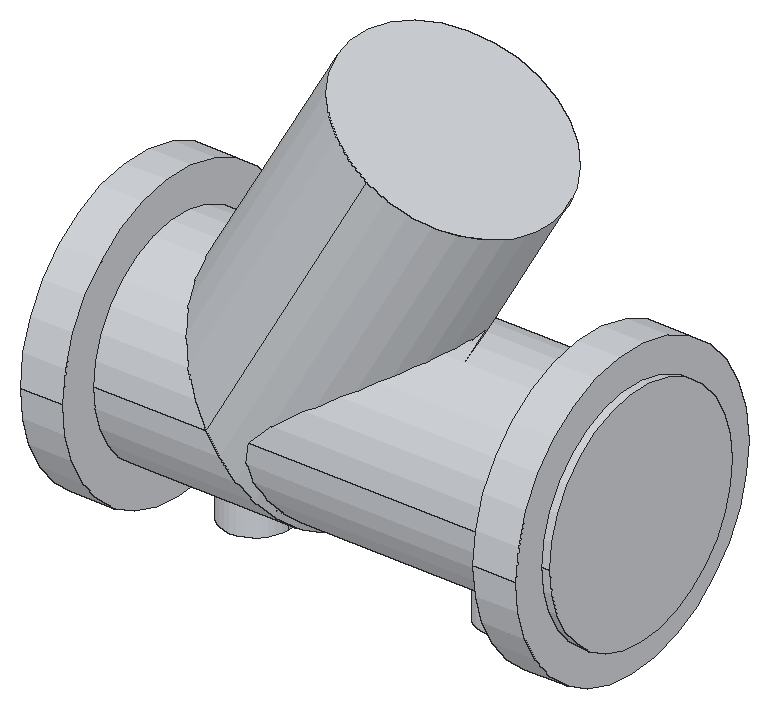
Revit family "HS 821-síto_jemné-PN16-DN200-RFA_2018", category Pipe Accessories, Revit 2018
Family settings
  Round Connector Dimension = Use Diameter
  Part Type = Breaks Into
  Work Plane-Based = No
  Always vertical = Yes
  Cut with Voids When Loaded = No
  Shared = No
Parameters (values of type "821A-DN200-PN16-síto_jemné")
  magiProductId = "8e5693371ab64aabb29a7f08c76e15"
  magiProductFamilyId = "79214ac3aaa945e397802f559f5c1e"
  magiPartTypeId = 307
  isMeasuringValve [instance] = no
  ang2D [instance] = 0.00°
  ZB__ve = -ZB  # -53 mm
  ZB1 = 107.73 mm
  ZB = 53 mm
  X2 = 188.361 mm
  X1 = 84 mm
  W2D = 15 mm
  VersionID = "2.0/2017.9.26.1/ZETKAMA_821_001"
  Use Minimum Symbol Size [instance] = yes
  URL = "www.hydronix.cz"
  Type Comments = "Filtr přírubový; síto jemné; A-PN16 (-10~300°C); D-PN25 (-10~350°C); F-PN40 (-10~400°C)"
  S = 266 mm
  QmdConnectorList = "301;D;302;D"
  Productdata [instance] = ""
  Manufacturer = "Hydronix"
  MC Product Code = "210 193 (821A; DN200; PN16; kvs706,7; oko síta 0,63mm)"
  LM1 = 48 mm
  LM = 480 mm
  L4 = 150 mm
  L2D_Min = 3048 mm
  L2D = 130 mm
  L2 = 300 mm
  HH2 = 326.25 mm
  FD = 340 mm
  Description = "Filtr přírubový; síto jemné; 821A-PN16; 821D-PN25; 821F-PN40"
  DM1 = 252 mm
  DM = 239.4 mm
  D = 200 mm
  CC = 10.2 mm
  CAT0 = yes
  C1 = 49.8 mm
  C = 60 mm
  BD = 75.411 mm
Types (40, lengths in mm): name | magiProductId | ZB__ve | ZB1 | ZB | X2 | X1 | S | MC Product Code | LM1 | LM | L4 | L2 | HH2 | FD | DM1 | DM | D | CC | C1 | C | BD
  821A-DN015-PN16-síto_jemné | "a71bcfe8b393460598b23e8ddf7dc5" | -16.25 | 18.63 | 16.25 | 46.982 | 18.2 | 46 | "210 115 (821A; DN015; PN16; kvs6,2; oko síta 0,63mm)" | 10.4 | 104 | 32.5 | 65 | 81.375 | 95 | 27.6 | 41.4 | 15 | 2.21 | 10.79 | 13 | 13.041
  821A-DN020-PN16-síto_jemné | "41cd6c7a12924f4991217528336076" | -17.75 | 22.68 | 17.75 | 51.673 | 21 | 56 | "210 120 (821A; DN020; PN16; kvs9,6; oko síta 0,63mm)" | 12 | 120 | 37.5 | 75 | 89.5 | 105 | 33.6 | 50.4 | 20 | 2.55 | 12.45 | 15 | 15.876
  821A-DN025-PN16-síto_jemné | "be378b463ed14c3abf4c9b3ae8cf3a" | -19.25 | 26.325 | 19.25 | 58.601 | 22.4 | 65 | "210 125 (821A; DN025; PN16; kvs14,2; oko síta 0,63mm)" | 12.8 | 128 | 40 | 80 | 101.5 | 115 | 43.2 | 58.5 | 25 | 2.72 | 13.28 | 16 | 18.427
  821A-DN032-PN16-síto_jemné | "227a0d18b21540afabe8b6067d35fa" | -23 | 30.78 | 23 | 68.849 | 25.2 | 76 | "210 132 (821A; DN032; PN16; kvs23,1; oko síta 0,63mm)" | 14.4 | 144 | 45 | 90 | 119.25 | 140 | 50.4 | 68.4 | 32 | 3.06 | 14.94 | 18 | 21.546
  821A-DN040-PN16-síto_jemné | "d106917c74724141a10440112d0102" | -24.5 | 34.02 | 24.5 | 75.777 | 28 | 84 | "210 140 (821A; DN040; PN16; kvs36,6; oko síta 0,63mm)" | 16 | 160 | 50 | 100 | 131.25 | 150 | 60 | 75.6 | 40 | 3.4 | 16.6 | 20 | 23.814
  821A-DN050-PN16-síto_jemné | "8255d456a09e4f6486734f5dd9171b" | -26.75 | 40.095 | 26.75 | 79.061 | 32.2 | 99 | "210 150 (821A; DN050 PN16; kvs53,7; oko síta 0,63mm)" | 18.4 | 184 | 57.5 | 115 | 136.938 | 165 | 73.8 | 89.1 | 50 | 3.91 | 19.09 | 23 | 28.066
  821A-DN065-PN16-síto_jemné | "235b1b3e4c0843779a4d5e3716d40a" | -29.75 | 47.79 | 29.75 | 86.927 | 40.6 | 118 | "210 165 (821A; DN065; PN16; kvs95,1; oko síta 0,63mm)" | 23.2 | 232 | 72.5 | 145 | 150.562 | 185 | 94.2 | 106.2 | 65 | 4.93 | 24.07 | 29 | 33.453
  821A-DN080-PN16-síto_jemné | "a067f7c5236348ed8c820d16df7214" | -32 | 53.46 | 32 | 104.753 | 43.4 | 132 | "210 180 (821A; DN080; PN16; kvs137,1; oko síta 0,63mm)" | 24.8 | 248 | 77.5 | 155 | 181.438 | 200 | 107.4 | 118.8 | 80 | 5.27 | 25.73 | 31 | 37.422
  821A-DN100-PN16-síto_jemné | "c49a648c2747461285837d643703cd" | -35 | 63.18 | 35 | 114.857 | 49 | 156 | "210 190 (821A; DN100; PN16; kvs206,4; oko síta 0,63mm)" | 28 | 280 | 87.5 | 175 | 198.937 | 220 | 131.4 | 140.4 | 100 | 5.95 | 29.05 | 35 | 44.226
  821A-DN125-PN16-síto_jemné | "bf68e728a163493cbd2a663b26ebdc" | -39.5 | 74.52 | 39.5 | 131.888 | 56 | 184 | "210 191 (821A; DN125; PN16; kvs268,8; oko síta 0,63mm)" | 32 | 320 | 100 | 200 | 228.438 | 250 | 165 | 165.6 | 125 | 6.8 | 33.2 | 40 | 52.164
  821A-DN150-PN16-síto_jemné | "2de770284b654863ae6bc865769dc5" | -44.75 | 85.455 | 44.75 | 155.885 | 67.2 | 211 | "210 192 (821A; DN150; PN16; kvs401,4; oko síta 0,63mm)" | 38.4 | 384 | 120 | 240 | 270 | 285 | 192 | 189.9 | 150 | 8.16 | 39.84 | 48 | 59.818
  821A-DN200-PN16-síto_jemné | "8e5693371ab64aabb29a7f08c76e15" | -53 | 107.73 | 53 | 188.361 | 84 | 266 | "210 193 (821A; DN200; PN16; kvs706,7; oko síta 0,63mm)" | 48 | 480 | 150 | 300 | 326.25 | 340 | 252 | 239.4 | 200 | 10.2 | 49.8 | 60 | 75.411
  821A-DN250-PN16-síto_jemné | "05e37ed948c34047acdd4c42556504" | -62.75 | 129.195 | 62.75 | 255.911 | 102.2 | 319 | "210 194 (821A; DN250; PN16; kvs1229,4; oko síta 0,63mm)" | 58.4 | 584 | 182.5 | 365 | 443.25 | 405 | 309.6 | 287.1 | 250 | 12.41 | 60.59 | 73 | 90.436
  821A-DN300-PN16-síto_jemné | "9ad0af747269428da925480d83ce80" | -71 | 149.85 | 71 | 325.914 | 119 | 370 | "210 195 (821A; DN300; PN16; kvs1902,4; oko síta 0,63mm)" | 68 | 680 | 212.5 | 425 | 564.5 | 460 | 369.6 | 333 | 300 | 14.45 | 70.55 | 85 | 104.895
  821A-DN350-PN16-síto_jemné | "eebc71459bb3451bb4355e7951370a" | -80 | 173.745 | 80 | 356.875 | 137.2 | 429 | "200 196 (821A; DN350; PN16; kvs2611,0; oko síta 0,63mm)" | 78.4 | 784 | 245 | 490 | 618.125 | 520 | 438 | 386.1 | 350 | 16.66 | 81.34 | 98 | 121.621
  821A-DN400-PN16-síto_jemné | "d2f677cb196647e385b2590e7d8abe" | -89 | 194.4 | 89 | 392.237 | 154 | 480 | "210 197 (821A; DN400; PN16; kvs3438,4; oko síta 0,63mm)" | 88 | 880 | 275 | 550 | 679.375 | 580 | 498 | 432 | 400 | 18.7 | 91.3 | 110 | 136.08
  821D-DN015-PN25-síto_jemné | "27ddcbf555414f8ca1fde329bf9087" | -16.25 | 18.63 | 16.25 | 46.982 | 18.2 | 46 | "210 215 (821D; DN015; PN25; kvs6,2; oko síta 0,63mm)" | 10.4 | 104 | 32.5 | 65 | 81.375 | 95 | 27.6 | 41.4 | 15 | 2.21 | 10.79 | 13 | 13.041
  821D-DN020-PN25-síto_jemné | "270e0f14012f47189cd0235c18faee" | -17.75 | 22.68 | 17.75 | 51.673 | 21 | 56 | "210 220 (821D; DN020; PN25; kvs9,6; oko síta 0,63mm)" | 12 | 120 | 37.5 | 75 | 89.5 | 105 | 33.6 | 50.4 | 20 | 2.55 | 12.45 | 15 | 15.876
  821D-DN025-PN25-síto_jemné | "b9a7fb4aa36643878c637d8e1ab992" | -19.25 | 26.325 | 19.25 | 58.601 | 22.4 | 65 | "210 225 (821D; DN025; PN25; kvs14,2; oko síta 0,63mm)" | 12.8 | 128 | 40 | 80 | 101.5 | 115 | 43.2 | 58.5 | 25 | 2.72 | 13.28 | 16 | 18.427
  821D-DN032-PN25-síto_jemné | "6be9a55c4e68400f94eec7e804204c" | -23 | 30.78 | 23 | 68.849 | 25.2 | 76 | "210 232 (821D; DN032; PN25; kvs23,1; oko síta 0,63mm)" | 14.4 | 144 | 45 | 90 | 119.25 | 140 | 50.4 | 68.4 | 32 | 3.06 | 14.94 | 18 | 21.546
  821D-DN040-PN25-síto_jemné | "c54511bd7f584ec2984291479612cb" | -24.5 | 34.02 | 24.5 | 75.777 | 28 | 84 | "210 240 (821D; DN040; PN25; kvs36,6; oko síta 0,63mm)" | 16 | 160 | 50 | 100 | 131.25 | 150 | 60 | 75.6 | 40 | 3.4 | 16.6 | 20 | 23.814
  821D-DN050-PN25-síto_jemné | "5483b1f596b04cd39b23a14a22c90e" | -26.75 | 40.095 | 26.75 | 79.061 | 32.2 | 99 | "210 250 (821D; DN050; PN25; kvs53,7; oko síta 0,63mm)" | 18.4 | 184 | 57.5 | 115 | 136.938 | 165 | 73.8 | 89.1 | 50 | 3.91 | 19.09 | 23 | 28.066
  821D-DN065-PN25-síto_jemné | "767b0f8318e94750bc7a9930ed5b30" | -29.75 | 47.79 | 29.75 | 86.927 | 40.6 | 118 | "210 265 (821D; DN065; PN25; kvs95,1; oko síta 0,63mm)" | 23.2 | 232 | 72.5 | 145 | 150.562 | 185 | 94.2 | 106.2 | 65 | 4.93 | 24.07 | 29 | 33.453
  821D-DN080-PN25-síto_jemné | "e21040fa3cc2404b858198f6b73709" | -32 | 53.46 | 32 | 104.753 | 43.4 | 132 | "210 280 (821D; DN080; PN25; kvs137,1; oko síta 0,63mm)" | 24.8 | 248 | 77.5 | 155 | 181.438 | 200 | 107.4 | 118.8 | 80 | 5.27 | 25.73 | 31 | 37.422
  821D-DN100-PN25-síto_jemné | "175ca87a506b40b3bc6b82f12f33cf" | -37.25 | 63.18 | 37.25 | 114.857 | 49 | 156 | "210 290 (821D; DN100; PN25; kvs206,4; oko síta 0,63mm)" | 28 | 280 | 87.5 | 175 | 198.937 | 235 | 131.4 | 140.4 | 100 | 5.95 | 29.05 | 35 | 44.226
  821D-DN125-PN25-síto_jemné | "77cc98d60da24855999a22dff726b2" | -42.5 | 74.52 | 42.5 | 131.888 | 56 | 184 | "210 291 (821D; DN125; PN25; kvs268,8; oko síta 0,63mm)" | 32 | 320 | 100 | 200 | 228.438 | 270 | 165 | 165.6 | 125 | 6.8 | 33.2 | 40 | 52.164
  821D-DN150-PN25-síto_jemné | "9cf8acfcd15547d68e83172d3abcbe" | -47 | 85.455 | 47 | 155.885 | 67.2 | 211 | "210 292 (821D; DN150; PN25; kvs401,4; oko síta 0,63mm)" | 38.4 | 384 | 120 | 240 | 270 | 300 | 192 | 189.9 | 150 | 8.16 | 39.84 | 48 | 59.818
  821D-DN200-PN25-síto_jemné | "16973f3c9ea14389ba8602495a6b64" | -56 | 110.97 | 56 | 188.361 | 84 | 274 | "210 293 (821D; DN200; PN25; kvs706,7; oko síta 0,63mm)" | 48 | 480 | 150 | 300 | 326.25 | 360 | 252 | 246.6 | 200 | 10.2 | 49.8 | 60 | 77.679
  821F-DN015-PN40-síto_jemné | "4c7eaf3c4c0340888b3e684d8a8616" | -16.25 | 18.225 | 16.25 | 46.982 | 18.2 | 45 | "250 615 (821F; DN015; PN40; kvs6,2; oko síta 0,63mm)" | 10.4 | 104 | 32.5 | 65 | 81.375 | 95 | 27.6 | 40.5 | 15 | 2.21 | 10.79 | 13 | 12.757
  821F-DN020-PN40-síto_jemné | "aaac5f1ec96b44d6ba96ac2293d66d" | -17.75 | 23.49 | 17.75 | 51.673 | 21 | 58 | "250 620 (821F; DN020; PN40; kvs9,6; oko síta 0,63mm)" | 12 | 120 | 37.5 | 75 | 89.5 | 105 | 33.6 | 52.2 | 20 | 2.55 | 12.45 | 15 | 16.443
  821F-DN025-PN40-síto_jemné | "504768023968471481789485b54c7e" | -19.25 | 27.54 | 19.25 | 58.601 | 22.4 | 68 | "250 625 (821F; DN025; PN40; kvs14,2; oko síta 0,63mm)" | 12.8 | 128 | 40 | 80 | 101.5 | 115 | 43.2 | 61.2 | 25 | 2.72 | 13.28 | 16 | 19.278
  821F-DN032-PN40-síto_jemné | "165e7f39cf744f329bdf1c400dad12" | -23 | 31.59 | 23 | 68.849 | 25.2 | 78 | "250 632 (821F; DN032; PN40; kvs23,1; oko síta 0,63mm)" | 14.4 | 144 | 45 | 90 | 119.25 | 140 | 50.4 | 70.2 | 32 | 3.06 | 14.94 | 18 | 22.113
  821F-DN040-PN40-síto_jemné | "b8903f952089408fbf3a5a632bab1f" | -24.5 | 35.64 | 24.5 | 75.777 | 28 | 88 | "250 640 (821F; DN040; PN40; kvs36,6; oko síta 0,63mm)" | 16 | 160 | 50 | 100 | 131.25 | 150 | 60 | 79.2 | 40 | 3.4 | 16.6 | 20 | 24.948
  821F-DN050-PN40-síto_jemné | "c451f97266fe48da8f879cb6a2bd44" | -26.75 | 41.31 | 26.75 | 79.061 | 32.2 | 102 | "250 650 (821F; DN050; PN40; kvs53,7; oko síta 0,63mm)" | 18.4 | 184 | 57.5 | 115 | 136.938 | 165 | 73.8 | 91.8 | 50 | 3.91 | 19.09 | 23 | 28.917
  821F-DN065-PN40-síto_jemné | "dc9821e3f9b34e128f6a8c6b34c198" | -29.75 | 49.41 | 29.75 | 86.927 | 40.6 | 122 | "250 665 (821F; DN065; PN40; kvs95,1; oko síta 0,63mm)" | 23.2 | 232 | 72.5 | 145 | 150.562 | 185 | 94.2 | 109.8 | 65 | 4.93 | 24.07 | 29 | 34.587
  821F-DN080-PN40-síto_jemné | "689aa1e260f84cf4994f027a1d86b5" | -32 | 55.89 | 32 | 104.753 | 43.4 | 138 | "250 680 (821F; DN080; PN40; kvs137,1; oko síta 0,63mm)" | 24.8 | 248 | 77.5 | 155 | 181.438 | 200 | 107.4 | 124.2 | 80 | 5.27 | 25.73 | 31 | 39.123
  821F-DN100-PN40-síto_jemné | "8a45d4e8e2ab425f8c432f21d684f3" | -37.25 | 65.61 | 37.25 | 114.857 | 49 | 162 | "250 690 (821F; DN100; PN40; kvs206,4; oko síta 0,63mm)" | 28 | 280 | 87.5 | 175 | 198.937 | 235 | 131.4 | 145.8 | 100 | 5.95 | 29.05 | 35 | 45.927
  821F-DN125-PN40-síto_jemné | "cf073904c006406b8645afa67ea2fc" | -42.5 | 76.14 | 42.5 | 131.888 | 56 | 188 | "250 691 (821F; DN125; PN40; kvs268,8; oko síta 0,63mm)" | 32 | 320 | 100 | 200 | 228.438 | 270 | 165 | 169.2 | 125 | 6.8 | 33.2 | 40 | 53.298
  821F-DN150-PN40-síto_jemné | "0153b9ddabe14992a630484929fdbc" | -47 | 88.29 | 47 | 155.885 | 67.2 | 218 | "250 692 (821F; DN150; PN40; kvs401,4; oko síta 0,63mm)" | 38.4 | 384 | 120 | 240 | 270 | 300 | 192 | 196.2 | 150 | 8.16 | 39.84 | 48 | 61.803
  821F-DN200-PN40-síto_jemné | "7fb3fc01dd8d42428c203e3f8dd4d5" | -56 | 115.425 | 56 | 188.361 | 84 | 285 | "250 693 (821F; DN200; PN40; kvs706,7; oko síta 0,63mm)" | 48 | 480 | 150 | 300 | 326.25 | 360 | 252 | 256.5 | 200 | 10.2 | 49.8 | 60 | 80.797
Reference planes
  plane 1 "Center (Front/Back)": y = 0
  plane 2 "XYPLANE": z = 0
  plane 3 "Center (Left/Right)": x = 0
  plane 4 "109": x = -192
  plane 5 "108": x = 240
  plane 6 "107": x = -240
  plane 7 "105": x = 300
  plane 8 "104": x = -300
  plane 9 "103": y = 0
  plane 10 "102": z = 0
  plane 11 "101": x = -289.8
  plane 12 "100": x = 289.8
  plane 13 "11": x = -108
  plane 14 "10": z = 326.25
  plane 15 "9": x = 80.361
  plane 16 "5": z = -107.73
  plane 17 "4": x = -150
  plane 18 "1": x = 150
Forms (mm)
  Extrusion 1, solid, visible <- "CAT0"
    sketch origin (-240, -750, 0) x (0, 1, 0) y (0, 0, 1)
      loop
        circle (750, 0) r 119.7
    from 0 to 480 <- "LM"
  Extrusion 2, solid
    sketch origin (-300, -750, 0) x (0, 1, 0) y (0, 0, 1)
      loop
        circle (750, 0) r 133
    from 0 to 10.2 <- "CC"
  Extrusion 3, solid
    sketch origin (-289.8, -750, 0) x (0, 1, 0) y (0, 0, 1)
      loop
        circle (750, 0) r 170
    from 0 to 49.8 <- "C1"
  Extrusion 4, solid
    sketch origin (240, -750, 0) x (0, 1, 0) y (0, 0, 1)
      loop
        circle (750, 0) r 170
    from 0 to 49.8 <- "C1"
  Extrusion 5, solid
    sketch origin (289.8, -750, 0) x (0, 1, 0) y (0, 0, 1)
      loop
        circle (750, 0) r 133
    from 0 to 10.2 <- "CC"
  Sweep 6, solid, visible <- "CAT0"
    path origin (750, 0, 0) x (-1, 0, 0) y (0, 0, 1)
      loop
        line (990, 0) -> (858, 0) -> (669.639, 326.25)
    profile origin (-240, 0, 0) x (0, 0, -1) y (0, 1, 0)
      loop
        circle (0, 0) r 126
  Extrusion 7, solid, visible <- "CAT0"
    sketch origin (-750, 0, -107.73) x (1, 0, 0) y (0, 1, 0)
      loop
        circle (600, 0) r 37.705
    from 0 to -53 <- "ZB__ve"
  Extrusion 8, solid, visible <- "CAT0"
    sketch origin (-750, 0, -107.73) x (1, 0, 0) y (0, 1, 0)
      loop
        circle (900, 0) r 37.705
    from 0 to -53 <- "ZB__ve"
  Extrusion 9, solid, not visible
    sketch origin (300, -750, 0) x (0, 1, 0) y (0, 0, 1)
      loop
        circle (750, 0) r 10
    from 0 to -10
  Extrusion 10, solid, not visible
    sketch origin (-300, -750, 0) x (0, 1, 0) y (0, 0, 1)
      loop
        circle (750, 0) r 10
    from 0 to 10
Lines and regions (mm)
  reference lines, not visible
    curve 1: circle (2, 2, 0) r 1 normal (0, 0, 1)
Dimensions and locks
  plane 1 "Center (Front/Back)" to curve 1 = 2 mm
  "LM1": plane 6 "107" to plane 4 "109"
  "LM": plane 6 "107" to plane 5 "108"
  "C": plane 8 "104" to plane 6 "107"
  "L2": plane 3 "Center (Left/Right)" to plane 7 "105"
  "L2": plane 3 "Center (Left/Right)" to plane 8 "104"
  locked: plane 1 "Center (Front/Back)" to plane 9 "103"
  locked: plane 2 "XYPLANE" to plane 10 "102"
  "CC": plane 8 "104" to plane 11 "101"
  "C1": plane 5 "108" to plane 12 "100"
  "X1": plane 4 "109" to plane 13 "11"
  "HH2": plane 2 "XYPLANE" to plane 14 "10"
  "X2": plane 13 "11" to plane 15 "9"
  "ZB1": plane 2 "XYPLANE" to plane 16 "5"
  "L4": plane 8 "104" to plane 17 "4"
  "L2": plane 17 "4" to plane 18 "1"
  Sweep 6 sketch curve to Sweep 6 sketch curve = 0 mm  (x2)
  "DM": diameter of Extrusion 1 sketch curve
  "S": diameter of Extrusion 2 sketch curve
  "FD": diameter of Extrusion 3 sketch curve
  "FD": diameter of Extrusion 4 sketch curve
  "S": diameter of Extrusion 5 sketch curve
  "DM1": diameter of Sweep 6 sketch curve
  "BD": diameter of Extrusion 7 sketch curve
  "BD": diameter of Extrusion 8 sketch curve
  aligned and locked: level to plane 2 "XYPLANE"
  aligned and locked: Extrusion 1 sketch curve to plane 9 "103"
  aligned and locked: plane 10 "102" to Extrusion 1 sketch curve
  aligned and locked: Extrusion 2 sketch curve to plane 9 "103"
  aligned and locked: plane 10 "102" to Extrusion 2 sketch curve
  aligned and locked: Extrusion 3 sketch curve to plane 9 "103"
  aligned and locked: plane 10 "102" to Extrusion 3 sketch curve
  aligned and locked: Extrusion 4 sketch curve to plane 9 "103"
  aligned and locked: plane 10 "102" to Extrusion 4 sketch curve
  aligned and locked: Extrusion 5 sketch curve to plane 9 "103"
  aligned and locked: plane 10 "102" to Extrusion 5 sketch curve
  aligned and locked: Sweep 6 sketch curve to plane 9 "103"
  aligned and locked: plane 10 "102" to Sweep 6 sketch curve  (x3)
  aligned and locked: plane 6 "107" to Sweep 6 sketch curve
  aligned and locked: plane 13 "11" to Sweep 6 sketch curve
  aligned and locked: plane 14 "10" to Sweep 6 sketch curve
  aligned and locked: plane 15 "9" to Sweep 6 sketch curve
  aligned and locked: plane 9 "103" to Extrusion 7 sketch curve
  aligned and locked: plane 17 "4" to Extrusion 7 sketch curve
  aligned and locked: plane 9 "103" to Extrusion 8 sketch curve
  aligned and locked: plane 18 "1" to Extrusion 8 sketch curve
  aligned and locked: Extrusion 9 sketch curve to plane 9 "103"
  aligned and locked: plane 10 "102" to Extrusion 9 sketch curve
  aligned and locked: Extrusion 10 sketch curve to plane 9 "103"
  aligned and locked: plane 10 "102" to Extrusion 10 sketch curve
Automatic sketch dimensions
  plane 1 "Center (Front/Back)" to Extrusion 9 sketch curve = 10 mm
  plane 1 "Center (Front/Back)" to Extrusion 10 sketch curve = 10 mm
  plane 3 "Center (Left/Right)" to curve 1 = 2 mm
  radius of curve 1 = 1 mm
Connectors
  piping at (-300, 0, 0), diameter 200, driven by "D"
    settings: on Extrusion 10, index 1, connector inside diameter 609.6 mm, connector length 0 mm, flow factor 0, pipe flow 0.0 L/s, pressure drop 0.0 Pa, fitting loss kfactor 0, connector angle 0.00°, fixture units 0, engagement length 0 mm, angle of deflection 0.00°, flow configuration 0, flow direction 0, fitting loss method 0, system type 29, joint type 0, gender type 0, connector reference index 2, connector utility 0, adjustable connector no, is connector primary yes, connector description ""
  piping at (300, 0, 0), diameter 200, driven by "D"
    settings: on Extrusion 9, index 2, connector inside diameter 609.6 mm, connector length 0 mm, flow factor 0, pipe flow 0.0 L/s, pressure drop 0.0 Pa, fitting loss kfactor 0, connector angle 0.00°, fixture units 0, engagement length 0 mm, angle of deflection 0.00°, flow configuration 0, flow direction 0, fitting loss method 0, system type 29, joint type 0, gender type 0, connector reference index 1, connector utility 0, adjustable connector no, is connector primary no, connector description ""
